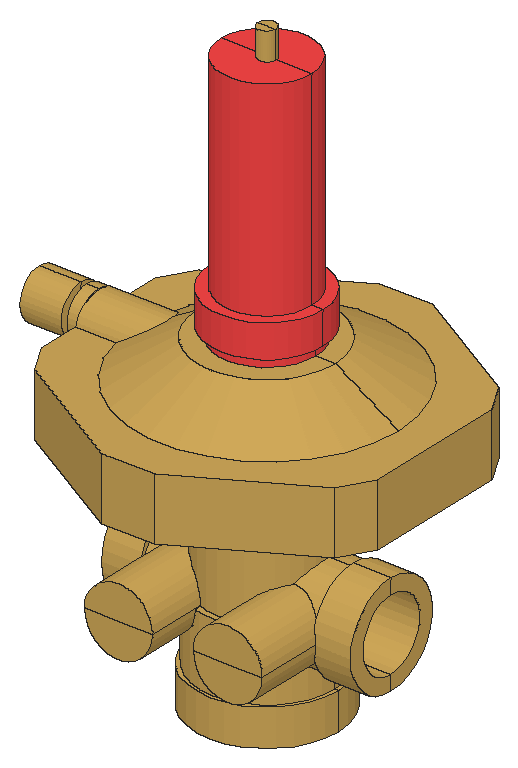
Revit family "Differenzdruckregler 4202 5-30kPa", category Rohrzubehör, Revit 2018
Family settings
  Bemaßung runder Anschluss = Durchmesser verwenden
  Teiletyp = Unterbricht
  OmniClass-Nummer = 23.65.55.14
  OmniClass-Titel = Valves for Liquid Services
  Arbeitsebenenbasiert = Nein
  Immer vertikal = Ja
  Beim Laden mit Abzugskörper schneiden = Nein
  Gemeinsam genutzt = Nein
Parameters (values of type "Ohne Dämmung")
  y2 [instance] = K14 + K9 + H01  # 49.149 mm
  y1 [instance] = (R03 * 2) + R05  # 66.000 mm
  PN = 25  # constant formula
  Min. Betriebstemperatur (Frostschutz) = -20 °C  # constant formula
  Max. zulässige Betriebstemperatur bis DN32 = 130 °C  # constant formula
  Max. zulässige Betriebstemperatur DN40 - DN50 = 110 °C  # constant formula
  Max. Differenzdruck am Gehäuse = 400000.0 Pa  # constant formula
  Max. Betriebsdruck = 2500000.0 Pa  # constant formula
  Ventilschaft = "Edelstahl 14301"  # constant formula
  URL = "www.herz-armaturen.at"
  SCRNSEQ = "ARM;ARM_TYP=\"DIFR\";2"
  SCRNCODE = "05;03;4"  # constant formula
  S06 [instance] = 1.000 mm  # constant formula
  S05 [instance] = S01 - 1.000 mm  # 16.250 mm
  S04 [instance] = S02 - 1.000 mm  # 18.000 mm
  S03 [instance] = size_lookup("4202 5-30kPa", "S03", 26.500 mm, Nennweite)  # 25.600 mm
  S02 [instance] = size_lookup("4202 5-30kPa", "S02", 19.000 mm, Nennweite)  # 19.000 mm
  S01 [instance] = size_lookup("4202 5-30kPa", "S01", 17.250 mm, Nennweite)  # 17.250 mm
  Regleranschlussmutter = "Messing CW614N"  # constant formula
  Regelbereich = "5 - 30kPa"  # constant formula
  R06 [instance] = size_lookup("4202 5-30kPa", "R06", 14.500 mm, Nennweite)  # 14.500 mm
  R05 [instance] = size_lookup("4202 5-30kPa", "R05", 46.000 mm, Nennweite)  # 46.000 mm
  R04 [instance] = size_lookup("4202 5-30kPa", "R04", 12.500 mm, Nennweite)  # 12.500 mm
  R03 [instance] = size_lookup("4202 5-30kPa", "R03", 10.000 mm, Nennweite)  # 10.000 mm
  R02 = 14.500 mm  # constant formula
  R01 [instance] = size_lookup("4202 5-30kPa", "R01", 12.500 mm, Nennweite)  # 12.500 mm
  Min. Betriebstemperatur (reines Wasser) = 2 °C  # constant formula
  O-Ringe = "EPDM"  # constant formula
  Nennweite [instance] = 15.000 mm
  Membrangehäuse = "Messing CW602N"  # constant formula
  Membrane = "EPDM"  # constant formula
  Medium = "Wasserbeschaffenheit nach ÖNORM H 5195 und VDI 2035\r\nDie Verwendung von Ethylen- und Propylenglykol ist im\r\nMischungsverhältnis 25 - 50 Vol.-% zulässig."
  L2 [instance] = size_lookup("4202 5-30kPa", "L2", 161.000 mm, Nennweite)  # 161.000 mm
  L [instance] = size_lookup("4202 5-30kPa", "L", 66.000 mm, Nennweite)  # 66.000 mm
  K9 = 4.000 mm  # constant formula
  K8 = 55.000 mm  # constant formula
  K7 = 8.700 mm  # constant formula
  K6 = 11.700 mm  # constant formula
  K5 = 13.000 mm  # constant formula
  K4 = 12.000 mm  # constant formula
  K3 = 15.000 mm  # constant formula
  K2 = 2.350 mm  # constant formula
  K18 = 89.000 mm  # constant formula
  K17 = 66.700 mm  # constant formula
  K16 = 3.000 mm  # constant formula
  K15 = 26.649 mm  # constant formula
  K14 = 16.649 mm  # constant formula
  K13 = 16.649 mm  # constant formula
  K12 = 10.000 mm  # constant formula
  K11 = 35.000 mm  # constant formula
  K10 = 18.250 mm  # constant formula
  K1.1 = 2.350 mm  # constant formula
  K1 = 7.651 mm  # constant formula
  J9 = 15.700 mm  # constant formula
  J8 = 7.850 mm  # constant formula
  J7 = 15.897 mm  # constant formula
  J6 = 3.900 mm  # constant formula
  J5 = 6.500 mm  # constant formula
  J4 = 1.500 mm  # constant formula
  J3 = 3.200 mm  # constant formula
  J2 = 11.000 mm  # constant formula
  J11 = 3.500 mm  # constant formula
  J10 = 18.897 mm  # constant formula
  J1 = 6.500 mm  # constant formula
  Hersteller = "HERZ-Armaturen Ges.m.b.H"  # constant formula
  H2 [instance] = size_lookup("4202 5-30kPa", "H2", 28.000 mm, Nennweite)  # 28.000 mm
  H1 [instance] = K1 + K2 + K3 + K4 + K5 + K7 + K8 + K16 + 16.650 mm  # 133.351 mm
  H04 = 4.000 mm  # constant formula
  H03 = 9.800 mm  # constant formula
  H02 [instance] = size_lookup("4202 5-30kPa", "H02", 53.000 mm, Nennweite)  # 53.000 mm
  H01 [instance] = size_lookup("4202 5-30kPa", "H01", 25.000 mm, Nennweite)  # 28.500 mm
  Gehäuse = "DZR Messing CC770S"  # constant formula
  G03 [instance] = size_lookup("4202 5-30kPa", "G03", 13.200 mm, Nennweite)  # 13.200 mm
  G02 [instance] = size_lookup("4202 5-30kPa", "G02", 9.500 mm, Nennweite)  # 9.500 mm
  G01 [instance] = size_lookup("4202 5-30kPa", "G01", 13.500 mm, Nennweite)  # 13.500 mm
  Einstellspindel = "Messing CW614N"  # constant formula
  Hinweise zum Material = "Gemäß Art 33 der REACH-Verordnung (EG Nr. 1907/2006) sind wir verpflichtet, darauf hinzuweisen,\r\ndass der Stoff Blei auf der SVHC-Liste geführt wird und dass alle aus Messing bestehenden Bauteile,\r\ndie in unseren Erzeugnissen verarbeitet sind, mehr als 0,1 % (w/w) Blei (CAS: 7439-92-1 / EINECS:\r\n231-100-4) enthalten. Da Blei als Legierungsbestandteil fest gebunden ist, sind keine Expositionen zu\r\nerwarten und daher sind keine zusätzlichen Angaben zur sicheren Verwendung notwendig.\r\n\r\nIm Hanf enthaltenes Ammoniak schädigt\r\nMessingventilgehäuse, EPDM Dichtungen werden durch\r\nMineralöle bzw. mineralölhaltige Schmierstoffe aufgequollen\r\nund führen somit zum Ausfall der EPDM-Dichtungen. Für\r\nFrost- und Korrosionsschutzmittel auf der Basis von Ethylen- und Propylenglykol sind die entsprechenden\r\nAngaben den Unterlagen des Herstellers zu entnehmen."
  Dämmung = no
  Dämmschale = "EPP (expandiertes Polypropylen)"  # constant formula
  Druckfeder = "Federstahl 14310 NS"  # constant formula
  DN50 [instance] = Nennweite = 50.000 mm  # no
  DN40 [instance] = Nennweite = 40.000 mm  # no
  DN32-40 [instance] = or(Nennweite = 32.000 mm, Nennweite = 40.000 mm)  # no
  DN32 [instance] = Nennweite = 32.000 mm  # no
  DN25,32,40 [instance] = or(Nennweite = 25.000 mm, Nennweite = 32.000 mm, Nennweite = 40.000 mm)  # no
  DN25 [instance] = Nennweite = 25.000 mm  # no
  DN20 [instance] = Nennweite = 20.000 mm  # no
  DN15-25 [instance] = or(Nennweite = 15.000 mm, Nennweite = 20.000 mm, Nennweite = 25.000 mm)  # yes
  DN15,20,50 [instance] = or(Nennweite = 15.000 mm, Nennweite = 20.000 mm, Nennweite = 50.000 mm)  # yes
  DN15 [instance] = Nennweite = 15.000 mm  # yes
  D07 [instance] = if(Nennweite = 15.000 mm, 32.500 mm, if(Nennweite = 20.000 mm, 33.500 mm, if(Nennweite = 25.000 mm, 33.500 mm, if(Nennweite = 32.000 mm, 49.500 mm, if(Nennweite = 40.000 mm, 59.500 mm, if(Nennweite = 50.000 mm, 59.500 mm, 0.000 mm))))))  # 32.500 mm
  D06 [instance] = if(Nennweite = 15.000 mm, 32.500 mm, if(Nennweite = 20.000 mm, 33.500 mm, if(Nennweite = 25.000 mm, 33.500 mm, if(Nennweite = 32.000 mm, 49.500 mm, if(Nennweite = 40.000 mm, 59.500 mm, if(Nennweite = 50.000 mm, 59.500 mm, 0.000 mm))))))  # 32.500 mm
  D05 [instance] = if(Nennweite = 15.000 mm, 36.750 mm, if(Nennweite = 20.000 mm, 40.700 mm, if(Nennweite = 25.000 mm, 49.200 mm, if(Nennweite = 32.000 mm, 54.150 mm, if(Nennweite = 40.000 mm, 60.750 mm, if(Nennweite = 50.000 mm, 72.700 mm, 0.000 mm))))))  # 36.750 mm
  D04 [instance] = if(Nennweite = 15.000 mm, 78.500 mm, if(Nennweite = 20.000 mm, 82.000 mm, if(Nennweite = 25.000 mm, 84.000 mm, if(Nennweite = 32.000 mm, 120.000 mm, if(Nennweite = 40.000 mm, 130.000 mm, if(Nennweite = 50.000 mm, 130.500 mm, 0.000 mm))))))  # 78.500 mm
  D03 [instance] = size_lookup("4202 5-30kPa", "R05", 41.000 mm, Nennweite)  # 46.000 mm
  D02 [instance] = if(Nennweite = 15.000 mm, 96.000 mm, if(Nennweite = 20.000 mm, 110.000 mm, if(Nennweite = 25.000 mm, 112.000 mm, if(Nennweite = 32.000 mm, 152.000 mm, if(Nennweite = 40.000 mm, 170.000 mm, if(Nennweite = 50.000 mm, 179.000 mm, 0.000 mm))))))  # 96.000 mm
  D01 [instance] = size_lookup("4202 5-30kPa", "G01", 13.220 mm, Nennweite)  # 13.500 mm
  Bestellnummer Dämmung [instance] = if(and(Dämmung, Nennweite = 15.000 mm), 1409611, if(and(Dämmung, Nennweite = 20.000 mm), 1409612, if(and(Dämmung, Nennweite = 25.000 mm), 1409613, if(and(Dämmung, Nennweite = 32.000 mm), 1409614, if(and(Dämmung, Nennweite = 40.000 mm), 1409615, if(and(Dämmung, Nennweite = 50.000 mm), 1409616, 0))))))  # 0
  Bestellnummer [instance] = if(Nennweite = 15.000 mm, 1420241, if(Nennweite = 20.000 mm, 1420242, if(Nennweite = 25.000 mm, 1420243, if(Nennweite = 32.000 mm, 1420244, if(Nennweite = 40.000 mm, 1420245, if(Nennweite = 50.000 mm, 1420246, 0))))))  # 1420241
  B2 [instance] = size_lookup("4202 5-30kPa", "B2", 31.000 mm, Nennweite)  # 31.000 mm
  B1 [instance] = size_lookup("4202 5-30kPa", "B1", 26.000 mm, Nennweite)  # 26.000 mm
  B04 = 100.649 mm  # constant formula
  B03 = 44.500 mm  # constant formula
  B02 = 104.688 mm  # constant formula
  B01 = 10.000 mm  # constant formula
  Anzeigehülse = "Kunststoff (Rot)"  # constant formula
  Anwendungsgebiet = "Der Differenzdruckregler ist ein Regler mit linearer Kennlinie in Geradsitzausführung und arbeitet ohne\r\nHilfsenergie. Der gewünschte Differenzdruck-Sollwert kann zwischen 5 und 30 kPa; 25 und 60 kPa bzw.\r\n45 und 80 kPa stufenlos eingestellt werden. Der eingestellte Wert ist mit Hilfe des Einstelldiagrammes\r\nablesbar. Werksseitig ist der Sollwert auf Minimum eingestellt. Der erforderliche Sollwert wird mit dem\r\nEinstellwerkzeug (1 4006 02) eingestellt. Im Lieferumfang enthalten ist die Impulsleitung (1000 mm),\r\ndiese ist im Vorlauf einzubinden."
  Anschlussnippel = "Messing CW602N"  # constant formula
Types (2, lengths in mm): name | y2 | y1 | S05 | S04 | S03 | S02 | S01 | R05 | R04 | R03 | R01 | Nennweite | L2 | L | H2 | H02 | H01 | G03 | G02 | G01 | Dämmung | DN50 | DN15-25 | DN15 | D07 | D06 | D05 | D04 | D03 | D02 | D01 | Bestellnummer Dämmung | Bestellnummer | B2 | B1
  Ohne Dämmung | 49.149 | 66.000 | 16.250 | 18.000 | 25.600 | 19.000 | 17.250 | 46.000 | 12.500 | 10.000 | 12.500 | 15.000 | 161.000 | 66.000 | 28.000 | 53.000 | 28.500 | 13.200 | 9.500 | 13.500 | no | no | yes | yes | 32.500 | 32.500 | 36.750 | 78.500 | 46.000 | 96.000 | 13.500 | 0 | 1420241 | 31.000 | 26.000
  Mit Dämmung | 76.149 | 140.000 | 27.500 | 27.000 | 37.700 | 28.000 | 28.500 | 106.000 | 14.500 | 17.000 | 33.500 | 50.000 | 216.500 | 140.000 | 58.000 | 107.000 | 55.500 | 23.400 | 28.325 | 35.000 | yes | yes | no | no | 59.500 | 59.500 | 72.700 | 130.500 | 106.000 | 179.000 | 35.000 | 1409616 | 1420246 | 41.000 | 41.000
Reference planes
  plane 1 "Mitte (Vorne/hinten)": y = 0
  plane 2: z = 0
  plane 3 "Mitte (Links/rechts)": x = 0
Forms (mm)
  Revolve 1, solid, material "Messing, weicher Gelbton, geschweißt", detail levels fine
    sketch origin (0, 0, 0) x (1, 0, 0) y (0, 0, 1)
      loop
        line (-19.8, 0) -> (19.8, 0) -> (19.8, 9.5) -> (33, 9.5) -> (33, 13.5) -> (23, 13.5) -> (23, 12.5) -> (-23, 12.5) -> (-23, 13.5) -> (-33, 13.5) -> (-33, 9.5) -> (-19.8, 9.5) -> (-19.8, 0)
      axis (-33, 0) -> (33, 0)
    angle from 0 to 360
  Revolve 2, solid, material "Messing, weicher Gelbton, geschweißt", detail levels fine
    sketch origin (0, 0, 0) x (1, 0, 0) y (0, 0, 1)
      loop
        line (0, -28) -> (0, 0) -> (-18, 0) -> (-18, -18.2) -> (-19, -18.2) -> (-19, -28) -> (0, -28)
      axis (0, 0) -> (0, -28)
    angle from 0 to 360
  Extrusion 3, solid, material "Messing, weicher Gelbton, geschweißt", detail levels fine
    sketch origin (0, 0, 0) x (0, -1, 0) y (1, 0, 0)
      loop
        line (-46, -7.038) -> (-27.114, -39.75) -> (-18.886, -44.5) -> (18.886, -44.5) -> (27.114, -39.75) -> (46, -7.038) -> (46, 7.038) -> (27.114, 39.75) -> (18.886, 44.5) -> (-18.886, 44.5) -> (-27.114, 39.75) -> (-46, 7.038) -> (-46, -7.038)
    from 32.5 to 49.149
  Revolve 4, solid, material "Messing, weicher Gelbton, geschweißt", detail levels fine
    sketch origin (0, 0, -7.051) x (1, 0, 0) y (0, 0, 1)
      loop
        line (0, 56.2) -> (0, 66.2) -> (-18.25, 66.2) -> (-35, 56.2) -> (0, 56.2)
      axis (0, 66.2) -> (0, 56.2)
    angle from 0 to 360
  Revolve 5, solid, material "Messing, weicher Gelbton, geschweißt", visible <- "DN15-25", detail levels fine
    sketch origin (-11, 0, 0) x (1, 0, 0) y (0, 1, 0)
      loop
        line (-1.5, 26) -> (-9.2, 26) -> (-9.2, 0) -> (-1.5, 0) -> (-1.5, 26)
      axis (-1.5, 0) -> (-1.5, 26)
    angle from 0 to 360
  Revolve 6, solid, material "Messing, weicher Gelbton, geschweißt", visible <- "DN15,20,50", detail levels fine
    sketch origin (-0.988, 0, -6.853) x (-1, 0, 0) y (0, 0, 1)
      loop
        line (43.5, 55.25) -> (59.2, 55.25) -> (59.2, 61.75) -> (48.2, 61.75) -> (48.2, 59.15) -> (46.7, 59.15) -> (46.7, 61.75) -> (43.5, 61.75) -> (43.5, 55.25)
      axis (43.5, 55.25) -> (59.2, 55.25)
    angle from 0 to 360
  Extrusion 7, solid, material "Messing, weicher Gelbton, geschweißt", visible <- "DN15,20,50", detail levels fine
    sketch origin (0, 0, 0) x (0, 1, 0) y (0, 0, -1)
      loop
        line (7.85, -47.047) -> (7.85, -36) -> (-7.85, -36) -> (-7.85, -47.047)
        arc (-7.85, -47.047) -> (0, -54.897) -> (7.85, -47.047) r 7.85
    from 0 to 44.5
  Revolve 8, solid, material "Kunsstoff rot", detail levels fine
    sketch origin (0, 0, 0) x (1, 0, 0) y (0, 0, 1)
      loop
        line (-12, 125.849) -> (-12, 70.849) -> (-15, 70.849) -> (-15, 62.149) -> (-13, 62.149) -> (-13, 59.149) -> (0, 59.149) -> (0, 125.849) -> (-12, 125.849)
      axis (0, 125.849) -> (0, 59.149)
    angle from 0 to 360
  Revolve 9, solid, material "Messing, weicher Gelbton, geschweißt", visible <- "DN15-25", detail levels fine
    sketch origin (-2, 0, 0) x (1, 0, 0) y (0, 1, 0)
      loop
        line (-12.5, 0) -> (-21.5, 0) -> (-21.5, -31) -> (-12.5, -31) -> (-12.5, 0)
      axis (-12.5, 0) -> (-12.5, -31)
    angle from 0 to 360
  Revolve 10, solid, material "Messing, weicher Gelbton, geschweißt", visible <- "DN15-25", detail levels fine
    sketch origin (2, 0, 0) x (1, 0, 0) y (0, 1, 0)
      loop
        line (12.5, 0) -> (12.5, -31) -> (21.6, -31) -> (21.6, 0) -> (12.5, 0)
      axis (12.5, 0) -> (12.5, -31)
    angle from 0 to 360
  Extrusion 11, solid, material "Messing, weicher Gelbton, geschweißt", visible <- "DN32", detail levels fine
    sketch origin (-31.5, 0, 0) x (1, 0, 0) y (0, 1, 0)
      loop
        circle (63, 0) r 6.578
      loop
        circle (63, 0) r 3.28
    from -47 to 0
  Extrusion 12, solid, material "Messing, weicher Gelbton, geschweißt", visible <- "DN32", detail levels fine
    sketch origin (31.5, 0, 0) x (-1, 0, 0) y (0, -1, 0)
      loop
        circle (63, 0) r 6.578
      loop
        circle (63, 0) r 3.28
    from -47 to 0
  Revolve 13, solid, material "Messing, weicher Gelbton, geschweißt", detail levels fine
    sketch origin (0, 0, 0) x (1, 0, 0) y (0, 0, 1)
      loop
        line (-16.25, 0) -> (0, 0) -> (0, 32.5) -> (-12.25, 32.5) -> (-12.25, 28.5) -> (-17.25, 28.5) -> (-17.25, 18.7) -> (-16.25, 18.7) -> (-16.25, 0)
      axis (0, 32.5) -> (0, 0)
    angle from 0 to 360
  Extrusion 14, solid, material "Messing, weicher Gelbton, geschweißt", visible <- "DN40", detail levels fine
    sketch origin (29.382, 0, 0) x (-1, 0, 0) y (0, -1, 0)
      loop
        circle (63, 0) r 6.578
      loop
        circle (63, 0) r 3.28
    from -58 to 0
  Extrusion 15, solid, material "Messing, weicher Gelbton, geschweißt", visible <- "DN40", detail levels fine
    sketch origin (-29.455, 0, 0) x (1, 0, 0) y (0, 1, 0)
      loop
        circle (63, 0) r 6.578
      loop
        circle (63, 0) r 3.28
    from -58 to 0
  Extrusion 16, solid, material "Messing, weicher Gelbton, geschweißt", visible <- "DN50", detail levels fine
    sketch origin (28.422, 0, 0) x (-1, 0, 0) y (0, -1, 0)
      loop
        circle (63, 0) r 6.578
      loop
        circle (63, 0) r 3.28
    from -58 to 0
  Extrusion 17, solid, material "Messing, weicher Gelbton, geschweißt", visible <- "DN50", detail levels fine
    sketch origin (-28.422, 0, 0) x (1, 0, 0) y (0, 1, 0)
      loop
        circle (63, 0) r 6.578
      loop
        circle (63, 0) r 3.28
    from -58 to 0
  Revolve 18, solid, material "Messing, weicher Gelbton, geschweißt", detail levels fine
    sketch origin (0, 0, 0) x (1, 0, 0) y (0, 0, 1)
      loop
        line (-2.35, 125.349) -> (0, 125.349) -> (0, 133) -> (-2.35, 133) -> (-2.35, 125.349)
      axis (0, 133) -> (0, 125.349)
    angle from 0 to 360
  Revolve 19, solid, material "Messing, weicher Gelbton, geschweißt", visible <- "DN32-40", detail levels fine
    sketch origin (-11, 0, 0) x (1, 0, 0) y (0, 1, 0)
      loop
        line (-1.5, -26) -> (-1.5, 0) -> (-9.2, 0) -> (-9.2, -26) -> (-1.5, -26)
      axis (-1.5, 0) -> (-1.5, -26)
    angle from 0 to 360
  Revolve 20, solid, material "Messing, weicher Gelbton, geschweißt", visible <- "DN25,32,40", detail levels fine
    sketch origin (0.988, 0, 20.147) x (1, 0, 0) y (0, 0, 1)
      loop
        line (43.5, 28.25) -> (59.2, 28.25) -> (59.2, 34.75) -> (48.2, 34.75) -> (48.2, 32.15) -> (46.7, 32.15) -> (46.7, 34.75) -> (43.5, 34.75) -> (43.5, 28.25)
      axis (43.5, 28.25) -> (59.2, 28.25)
    angle from 0 to 360
  Extrusion 21, solid, material "Messing, weicher Gelbton, geschweißt", visible <- "DN25", detail levels fine
    sketch origin (0, 0, 0) x (0, 1, 0) y (0, 0, 1)
      loop
        arc (7.85, 48.047) -> (0, 55.897) -> (-7.85, 48.047) r 7.85
        line (-7.85, 48.047) -> (-7.85, 37) -> (7.85, 37) -> (7.85, 48.047)
    from 0 to 44.5
  Extrusion 22, solid, material "Messing, weicher Gelbton, geschweißt", visible <- "DN32", detail levels fine
    sketch origin (0, 0, 0) x (0, 1, 0) y (0, 0, 1)
      loop
        arc (7.85, 64.047) -> (0, 71.897) -> (-7.85, 64.047) r 7.85
        line (-7.85, 64.047) -> (-7.85, 53) -> (7.85, 53) -> (7.85, 64.047)
    from 0 to 44.5
  Extrusion 23, solid, material "Messing, weicher Gelbton, geschweißt", visible <- "DN40", detail levels fine
    sketch origin (0, 0, 0) x (0, 1, 0) y (0, 0, 1)
      loop
        arc (7.85, 74.047) -> (0, 81.897) -> (-7.85, 74.047) r 7.85
        line (-7.85, 74.047) -> (-7.85, 63) -> (7.85, 63) -> (7.85, 74.047)
    from 0 to 44.5
  Revolve 24, solid, material "Kunststoff-Anthrazit/Schwarz", visible <- "Dämmung"
    sketch origin (0, 0, 0) x (1, 0, 0) y (0, 0, 1)
      loop
        line (0, -46) -> (36.75, -46) -> (36.75, 32.5) -> (0, 32.5) -> (0, -46)
      axis (0, 32.5) -> (0, -46)
    angle from 0 to 360
  Revolve 25, solid, material "Kunststoff-Anthrazit/Schwarz", visible <- "Dämmung"
    sketch origin (0, 0, 0) x (1, 0, 0) y (0, 0, 1)
      loop
        line (0, 32.5) -> (-48, 32.5) -> (-48, 13.5) -> (-23, 13.5) -> (-23, 0) -> (0, 0) -> (23, 0) -> (23, 13.5) -> (48, 13.5) -> (48, 32.5) -> (0, 32.5)
      axis (-48, 0) -> (48, 0)
    angle from 0 to 360
Lines and regions (mm)
  model lines, detail levels coarse+medium
    curve 1: line (33, -13.5, 0) -> (33, 13.5, 0)
    curve 2: line (33, 13.5, 0) -> (-33, -13.5, 0)
    curve 3: line (-33, -13.5, 0) -> (-33, 13.5, 0)
    curve 4: line (-33, 13.5, 0) -> (33, -13.5, 0)
    curve 5: line (0, -18.5, 0) -> (0, -32.5, 0)
    curve 6: spline (-44.5, -40.824, 0) -> (-42.984, -38.67, 0) -> (-38.538, -36.662, 0) -> (-31.466, -34.938, 0) -> (-22.25, -33.615, 0) -> (-11.517, -32.784, 0) -> (0, -32.5, 0) -> (11.517, -32.784, 0) -> (22.25, -33.615, 0) -> (31.466, -34.938, 0) -> (38.538, -36.662, 0) -> (42.984, -38.67, 0) -> (44.5, -40.825, 0) -> (42.984, -42.979, 0) -> (38.538, -44.987, 0) -> (31.466, -46.711, 0) -> (22.25, -48.034, 0) -> (11.517, -48.865, 0) -> (0, -49.149, 0) -> (-11.517, -48.865, 0) -> (-22.25, -48.034, 0) -> (-31.466, -46.711, 0) -> (-38.538, -44.987, 0) -> (-42.984, -42.979, 0) -> (-44.5, -40.824, 0)
    curve 7: line (0, 0, 13.5) -> (0, 0, 32.5)
    curve 8: spline (-44.5, 0, 40.825) -> (-42.984, 0, 42.979) -> (-38.538, 0, 44.987) -> (-31.466, 0, 46.711) -> (-22.25, 0, 48.034) -> (-11.517, 0, 48.865) -> (0, 0, 49.149) -> (11.517, 0, 48.865) -> (22.25, 0, 48.034) -> (31.466, 0, 46.711) -> (38.538, 0, 44.987) -> (42.984, 0, 42.979) -> (44.5, 0, 40.824) -> (42.984, 0, 38.67) -> (38.538, 0, 36.662) -> (31.466, 0, 34.938) -> (22.25, 0, 33.615) -> (11.517, 0, 32.784) -> (0, 0, 32.5) -> (-11.517, 0, 32.784) -> (-22.25, 0, 33.615) -> (-31.466, 0, 34.938) -> (-38.538, 0, 36.662) -> (-42.984, 0, 38.67) -> (-44.5, 0, 40.825)
    curve 9: line (0, 0, 13.5) -> (16.5, 0, 6.75)
    curve 10: line (0, 0, 13.5) -> (-16.5, 0, 6.75)
    curve 11: line (0, -18.5, 0) -> (-6.483, -2.652, 0)
    curve 12: line (0, -18.5, 0) -> (6.483, -2.652, 0)
    curve 13: line (-33, 0, 13.5) -> (33, 0, -13.5)
    curve 14: line (33, 0, -13.5) -> (33, 0, 13.5)
    curve 15: line (33, 0, 13.5) -> (-33, 0, -13.5)
    curve 16: line (-33, 0, -13.5) -> (-33, 0, 13.5)
Dimensions and locks
  "G01": Revolve 1 sketch curve to Revolve 1 sketch curve  (x2)
  "R01": Revolve 1 sketch curve to Revolve 1 sketch curve
  "R03": Revolve 1 sketch curve to Revolve 1 sketch curve  (x2)
  "K10": Revolve 4 sketch curve to Revolve 4 sketch curve
  "K11": Revolve 4 sketch curve to Revolve 4 sketch curve
  "B1": Revolve 5 sketch curve to Revolve 5 sketch curve
  "J1": Revolve 6 sketch curve to Revolve 6 sketch curve
  "J3": Revolve 6 sketch curve to Revolve 6 sketch curve
  "J4": Revolve 6 sketch curve to Revolve 6 sketch curve
  "J2": Revolve 6 sketch curve to Revolve 6 sketch curve
  "J5": Revolve 6 sketch curve to Revolve 6 sketch curve
  "J6": Revolve 6 sketch curve to Revolve 6 sketch curve
  "H2": plane 2 to Revolve 2 sketch curve
  "H03": Revolve 2 sketch curve to Revolve 2 sketch curve
  "S02": plane 3 "Mitte (Links/rechts)" to Revolve 2 sketch curve
  "B02": Revolve 6 to Extrusion 3
  "B03": Extrusion 3 to plane 3 "Mitte (Links/rechts)"
  "R04": Revolve 5 sketch curve to plane 3 "Mitte (Links/rechts)"
  "K4": Revolve 8 sketch curve to Revolve 8 sketch curve
  "K3": Revolve 8 sketch curve to Revolve 8 sketch curve
  "K7": Revolve 8 sketch curve to Revolve 8 sketch curve
  "K5": Revolve 8 sketch curve to Revolve 8 sketch curve
  "K8": Revolve 8 sketch curve to Revolve 8 sketch curve
  "K12": Revolve 4 sketch curve to Revolve 4 sketch curve
  "K13": Revolve 4 sketch curve to Extrusion 3
  "K14": Extrusion 3 to Extrusion 3
  "K16": Revolve 8 sketch curve to Revolve 8 sketch curve
  "K15": Revolve 8 to Extrusion 3
  "R05": Revolve 1 sketch curve to Revolve 1 sketch curve
  equal spacing: Revolve 1 sketch curve, plane 3 "Mitte (Links/rechts)", Revolve 1 sketch curve
  "B2": plane 1 "Mitte (Vorne/hinten)" to Revolve 9 sketch curve
  "B2": Revolve 10 sketch curve to plane 1 "Mitte (Vorne/hinten)"
  "R06": Revolve 9 sketch curve to plane 3 "Mitte (Links/rechts)"
  "R06": plane 3 "Mitte (Links/rechts)" to Revolve 10 sketch curve
  "S01": Revolve 13 sketch curve to plane 3 "Mitte (Links/rechts)"
  "S05": plane 3 "Mitte (Links/rechts)" to Revolve 13 sketch curve
  "H04": Revolve 13 sketch curve to Revolve 13 sketch curve
  "H03": Revolve 13 sketch curve to Revolve 13 sketch curve
  "H01": Revolve 13 sketch curve to plane 2
  "K9": Extrusion 3 to Revolve 13
  "S06": Revolve 2 sketch curve to Revolve 2 sketch curve
  "J7": Revolve 6 sketch curve to Extrusion 3
  "J9": Extrusion 7 sketch curve to Extrusion 7 sketch curve
  "J10": Revolve 6 to Extrusion 7 sketch curve
  "J11": Extrusion 7 sketch curve to Extrusion 3
  "K18": Extrusion 3 to Extrusion 3
  "K18": curve 8 to curve 8
  "G01": curve 10 to plane 2
  "K14": curve 8 to curve 8
  "y2": curve 8 to plane 2
  "G01": plane 1 "Mitte (Vorne/hinten)" to curve 4
  "G01": curve 3 to plane 1 "Mitte (Vorne/hinten)"
  equal spacing: curve 3, curve 8, curve 1
  equal spacing: curve 3, curve 12, curve 1
  "y1": curve 3 to curve 1
  "G01": plane 1 "Mitte (Vorne/hinten)" to curve 2
  "G01": curve 4 to plane 1 "Mitte (Vorne/hinten)"
  "K18": curve 6 to curve 6
  "K14": curve 6 to curve 6
  "y2": curve 6 to plane 1 "Mitte (Vorne/hinten)"
  "K1.1": plane 3 "Mitte (Links/rechts)" to Revolve 18 sketch curve
  "B1": Revolve 19 sketch curve to Revolve 19 sketch curve
  "R04": Revolve 19 sketch curve to plane 3 "Mitte (Links/rechts)"
  "G02": Revolve 1 sketch curve to plane 2  (x2)
  "G03": Revolve 1 sketch curve to Revolve 1 sketch curve  (x2)
  Revolve 1 sketch curve to Revolve 1 sketch curve = 66.000 mm
  "L2": Revolve 18 to Revolve 2
  "J1": Revolve 20 sketch curve to Revolve 20 sketch curve
  "J3": Revolve 20 sketch curve to Revolve 20 sketch curve
  "J4": Revolve 20 sketch curve to Revolve 20 sketch curve
  "J2": Revolve 20 sketch curve to Revolve 20 sketch curve
  "J5": Revolve 20 sketch curve to Revolve 20 sketch curve
  "J6": Revolve 20 sketch curve to Revolve 20 sketch curve
  "J7": Revolve 20 sketch curve to Extrusion 3
  "J9": Extrusion 21 sketch curve to Extrusion 21 sketch curve
  "J9": Extrusion 22 sketch curve to Extrusion 22 sketch curve
  "J9": Extrusion 23 sketch curve to Extrusion 23 sketch curve
  equal spacing: curve 10, plane 3 "Mitte (Links/rechts)", curve 9
  "L": curve 14 to curve 16
  equal spacing: curve 14, curve 6, curve 16
  equal spacing: curve 14, curve 9, curve 10, curve 10, curve 16
  "G01": curve 16 to plane 2
  "G01": plane 2 to curve 16
  "G01": curve 15 to plane 2
  "G01": plane 2 to curve 14
  "D07": Revolve 25 sketch curve to plane 2
  "D01": Revolve 25 sketch curve to plane 2  (x2)
  "D03": Revolve 25 sketch curve to Revolve 25 sketch curve
  "D02": Revolve 25 sketch curve to Revolve 25 sketch curve
  equal spacing: Revolve 25 sketch curve, plane 3 "Mitte (Links/rechts)", Revolve 25 sketch curve  (x2)
  "D06": Revolve 24 sketch curve to plane 2
  "D05": Revolve 24 sketch curve to Revolve 24 sketch curve
  "D04": Revolve 24 sketch curve to Revolve 24 sketch curve
  "J8": radius of Extrusion 7 sketch curve
  "J8": radius of Extrusion 21 sketch curve
  "J8": radius of Extrusion 22 sketch curve
  "J8": radius of Extrusion 23 sketch curve
  aligned and locked: level to plane 2
Automatic sketch dimensions
  plane 3 "Mitte (Links/rechts)" to Extrusion 3 sketch curve = 7.038 mm  (x2)
  Extrusion 3 sketch curve to plane 1 "Mitte (Vorne/hinten)" = 46.000 mm
  Extrusion 3 sketch curve to plane 1 "Mitte (Vorne/hinten)" = 27.114 mm  (x2)
  Extrusion 3 sketch curve to Extrusion 3 sketch curve = 8.227 mm  (x4)
  plane 1 "Mitte (Vorne/hinten)" to Extrusion 3 sketch curve = 18.886 mm  (x2)
  Extrusion 3 sketch curve to Extrusion 3 sketch curve = 18.886 mm
  Extrusion 3 sketch curve to plane 3 "Mitte (Links/rechts)" = 7.038 mm  (x2)
  Extrusion 3 sketch curve to Extrusion 3 sketch curve = 32.712 mm  (x4)
  Extrusion 3 sketch curve to Extrusion 3 sketch curve = 4.750 mm  (x2)
  Extrusion 11 sketch curve to Extrusion 11 sketch curve = 0.000 mm  (x2)
  plane 1 "Mitte (Vorne/hinten)" to Extrusion 11 sketch curve = 0.000 mm
  plane 3 "Mitte (Links/rechts)" to Extrusion 11 sketch curve = 31.500 mm
  Extrusion 12 sketch curve to Extrusion 12 sketch curve = 0.000 mm  (x2)
  plane 1 "Mitte (Vorne/hinten)" to Extrusion 12 sketch curve = 0.000 mm
  plane 3 "Mitte (Links/rechts)" to Extrusion 12 sketch curve = 31.500 mm
  Extrusion 14 sketch curve to Extrusion 14 sketch curve = 0.000 mm  (x2)
  plane 1 "Mitte (Vorne/hinten)" to Extrusion 14 sketch curve = 0.000 mm
  plane 3 "Mitte (Links/rechts)" to Extrusion 14 sketch curve = 33.618 mm
  Extrusion 15 sketch curve to Extrusion 15 sketch curve = 0.000 mm  (x2)
  plane 1 "Mitte (Vorne/hinten)" to Extrusion 15 sketch curve = 0.000 mm
  plane 3 "Mitte (Links/rechts)" to Extrusion 15 sketch curve = 33.545 mm
  Extrusion 16 sketch curve to Extrusion 16 sketch curve = 0.000 mm  (x2)
  plane 1 "Mitte (Vorne/hinten)" to Extrusion 16 sketch curve = 0.000 mm
  plane 3 "Mitte (Links/rechts)" to Extrusion 16 sketch curve = 34.578 mm
  Extrusion 17 sketch curve to Extrusion 17 sketch curve = 0.000 mm  (x2)
  plane 1 "Mitte (Vorne/hinten)" to Extrusion 17 sketch curve = 0.000 mm
  plane 3 "Mitte (Links/rechts)" to Extrusion 17 sketch curve = 34.578 mm
  curve 8 to plane 3 "Mitte (Links/rechts)" = 0.000 mm
  curve 11 to plane 3 "Mitte (Links/rechts)" = 0.000 mm
  curve 6 to plane 3 "Mitte (Links/rechts)" = 0.000 mm
  curve 5 to curve 12 = 14.000 mm
  Revolve 1 sketch curve to level = 0.000 mm  (x2)
  Revolve 1 sketch curve to Revolve 1 sketch curve = 1473.530 mm
  Revolve 1 sketch curve to Revolve 1 sketch curve = 1806.148 mm
  Revolve 2 sketch curve to level = 0.000 mm
  Revolve 2 sketch curve to plane 3 "Mitte (Links/rechts)" = 0.000 mm  (x2)
  Revolve 2 sketch curve to Revolve 2 sketch curve = 1.000 mm
  Revolve 2 sketch curve to Revolve 2 sketch curve = 334.045 mm
  level to Revolve 2 sketch curve = 2218.015 mm
  Revolve 4 sketch curve to plane 3 "Mitte (Links/rechts)" = 0.000 mm  (x2)
  Revolve 4 sketch curve to level = 373.096 mm
  Revolve 4 sketch curve to Revolve 4 sketch curve = 2155.315 mm
  plane 1 "Mitte (Vorne/hinten)" to Revolve 5 sketch curve = 0.000 mm  (x2)
  Revolve 5 sketch curve to Revolve 5 sketch curve = 0.000 mm  (x2)
  Revolve 5 sketch curve to Revolve 5 sketch curve = 7.700 mm
  plane 3 "Mitte (Links/rechts)" to Revolve 6 sketch curve = 44.488 mm
  Revolve 6 sketch curve to Revolve 6 sketch curve = 0.000 mm  (x3)
  Extrusion 7 sketch curve to plane 1 "Mitte (Vorne/hinten)" = 0.000 mm
  Extrusion 7 sketch curve to Extrusion 7 sketch curve = 11.047 mm
  Extrusion 7 sketch curve to Extrusion 7 sketch curve = 0.000 mm
  Revolve 8 sketch curve to plane 3 "Mitte (Links/rechts)" = 0.000 mm  (x2)
  level to Revolve 8 sketch curve = 59.149 mm
  Revolve 8 sketch curve to Revolve 8 sketch curve = 0.000 mm  (x2)
  plane 1 "Mitte (Vorne/hinten)" to Revolve 9 sketch curve = 0.000 mm  (x2)
  Revolve 9 sketch curve to Revolve 9 sketch curve = 9.000 mm
  Revolve 9 sketch curve to Revolve 9 sketch curve = 0.000 mm  (x2)
  plane 1 "Mitte (Vorne/hinten)" to Revolve 10 sketch curve = 0.000 mm  (x2)
  Revolve 10 sketch curve to Revolve 10 sketch curve = 9.100 mm
  Revolve 10 sketch curve to Revolve 10 sketch curve = 0.000 mm  (x2)
  Revolve 13 sketch curve to level = 0.000 mm  (x2)
  Revolve 13 sketch curve to plane 3 "Mitte (Links/rechts)" = 0.000 mm  (x2)
  Revolve 13 sketch curve to Revolve 13 sketch curve = 5.000 mm
  Revolve 13 sketch curve to Revolve 13 sketch curve = 0.000 mm
  Revolve 18 sketch curve to plane 3 "Mitte (Links/rechts)" = 0.000 mm  (x2)
  level to Revolve 18 sketch curve = 125.349 mm
  Revolve 18 sketch curve to Revolve 18 sketch curve = 7.651 mm
  Revolve 18 sketch curve to Revolve 18 sketch curve = 0.000 mm  (x2)
  plane 1 "Mitte (Vorne/hinten)" to Revolve 19 sketch curve = 0.000 mm  (x2)
  Revolve 19 sketch curve to Revolve 19 sketch curve = 7.700 mm
  Revolve 19 sketch curve to Revolve 19 sketch curve = 0.000 mm  (x2)
  plane 3 "Mitte (Links/rechts)" to Revolve 20 sketch curve = 44.488 mm
  Revolve 20 sketch curve to Revolve 20 sketch curve = 0.000 mm  (x3)
  Extrusion 21 sketch curve to plane 1 "Mitte (Vorne/hinten)" = 0.000 mm
  level to Extrusion 21 sketch curve = 37.000 mm
  Extrusion 21 sketch curve to Extrusion 21 sketch curve = 11.047 mm
  Extrusion 21 sketch curve to Extrusion 21 sketch curve = 0.000 mm
  Extrusion 22 sketch curve to plane 1 "Mitte (Vorne/hinten)" = 0.000 mm
  level to Extrusion 22 sketch curve = 53.000 mm
  Extrusion 22 sketch curve to Extrusion 22 sketch curve = 11.047 mm
  Extrusion 22 sketch curve to Extrusion 22 sketch curve = 0.000 mm
  Extrusion 23 sketch curve to plane 1 "Mitte (Vorne/hinten)" = 0.000 mm
  level to Extrusion 23 sketch curve = 63.000 mm
  Extrusion 23 sketch curve to Extrusion 23 sketch curve = 11.047 mm
  Extrusion 23 sketch curve to Extrusion 23 sketch curve = 0.000 mm
  Revolve 24 sketch curve to plane 3 "Mitte (Links/rechts)" = 0.000 mm  (x2)
  Revolve 24 sketch curve to Revolve 24 sketch curve = 19.575 mm
  Revolve 24 sketch curve to Revolve 24 sketch curve = 9.344 mm
  Revolve 25 sketch curve to level = 0.000 mm  (x2)
  Revolve 25 sketch curve to plane 3 "Mitte (Links/rechts)" = 0.000 mm  (x2)
  Revolve 25 sketch curve to Revolve 25 sketch curve = 0.000 mm  (x2)
  radius of Extrusion 11 sketch curve = 6.578 mm
  radius of Extrusion 11 sketch curve = 3.280 mm
  radius of Extrusion 12 sketch curve = 6.578 mm
  radius of Extrusion 12 sketch curve = 3.280 mm
  radius of Extrusion 14 sketch curve = 6.578 mm
  radius of Extrusion 14 sketch curve = 3.280 mm
  radius of Extrusion 15 sketch curve = 6.578 mm
  radius of Extrusion 15 sketch curve = 3.280 mm
  radius of Extrusion 16 sketch curve = 6.578 mm
  radius of Extrusion 16 sketch curve = 3.280 mm
  radius of Extrusion 17 sketch curve = 6.578 mm
  radius of Extrusion 17 sketch curve = 3.280 mm
Nested families
  nested 1: "Herz-Logo-vorne" at (-0.018, 17.815, -12.904) x (0, -1, 0) z (0, 0, 1), type "Herz-Logo-vorne", detail levels fine
  nested 2: "Herz-Logo-vorne" at (-0.018, 24.058, 0) x (0, -1, 0) z (0, 0, 1), visible <- "DN32", type "Herz-Logo-vorne", detail levels fine
  nested 3: "Herz-Logo-vorne" at (-0.018, 33.471, 0) x (0, -1, 0) z (0, 0, 1), visible <- "DN50", type "Herz-Logo-vorne", detail levels fine
  nested 4: "Herz-Logo-vorne" at (-0.018, 26.482, 0) x (0, -1, 0) z (0, 0, 1), visible <- "DN40", type "Herz-Logo-vorne", detail levels fine
Connectors
  piping at (33, 0, 0), diameter 15, driven by "Nennweite"
    settings: on Revolve 1, index 1, connector inside diameter 609.6 mm, connector length 0.000 mm, flow factor 0, pipe flow 0.0 L/s, pressure drop 0.0 Pa, fitting loss kfactor 0, connector angle 0.00°, fixture units 0, engagement length 0.000 mm, angle of deflection 0.00°, flow configuration 0, flow direction 2, fitting loss method 0, system type 29, joint type 0, gender type 0, connector reference index -1, connector utility 0, adjustable connector no, is connector primary yes, connector description ""
  piping at (-33, 0, 0), diameter 15, driven by "Nennweite"
    settings: on Revolve 1, index 2, connector inside diameter 609.6 mm, connector length 0.000 mm, flow factor 0, pipe flow 0.0 L/s, pressure drop 0.0 Pa, fitting loss kfactor 0, connector angle 0.00°, fixture units 0, engagement length 0.000 mm, angle of deflection 0.00°, flow configuration 0, flow direction 1, fitting loss method 0, system type 7, joint type 0, gender type 0, connector reference index -1, connector utility 0, adjustable connector no, is connector primary no, connector description ""
Definition of nested family "Herz-Logo-vorne"
  Reference planes
    plane 1 "Mitte (Vorne/hinten)": y = 0
    plane 2: z = 0
    plane 3 "Mitte (Links/rechts)": x = 0
  Forms (mm)
    Extrusion 1, solid
      sketch origin (0.732, -0.018, 0.017) x (0, -1, 0) y (0, 0, 1)
        loop
          line (-0.018, -4.517) -> (4.482, -4.517) -> (4.482, 4.483) -> (-4.518, 4.483) -> (-4.518, -4.517) -> (-0.018, -4.517)
        loop
          line (-0.05, -3.48) -> (3.482, -3.48) -> (3.482, 3.483) -> (-3.518, 3.483) -> (-3.518, -3.48) -> (-0.05, -3.48)
        loop
          arc (-0.018, 2.383) -> (-1.543, 3.287) -> (-3.067, 2.383) r 1.738
          arc (-3.067, 2.383) -> (-3.191, 1.899) -> (-3.067, 1.415) r 1.009
          line (-3.067, 1.415) -> (-0.018, -3.281) -> (3.032, 1.415)
          arc (3.032, 1.415) -> (3.156, 1.899) -> (3.032, 2.383) r 1.009
          arc (3.032, 2.383) -> (1.507, 3.287) -> (-0.018, 2.383) r 1.738
        loop
          arc (1.885, 1.272) -> (2.005, 1.675) -> (1.885, 2.079) r 0.74
          arc (1.885, 2.079) -> (1.265, 2.416) -> (0.644, 2.079) r 0.74
          line (0.644, 2.079) -> (-0.018, 0.97) -> (-0.679, 2.079)
          arc (-0.679, 2.079) -> (-1.3, 2.416) -> (-1.921, 2.079) r 0.74
          arc (-1.921, 2.079) -> (-2.04, 1.675) -> (-1.921, 1.272) r 0.74
          line (-1.921, 1.272) -> (-0.018, -1.658) -> (1.885, 1.272)
      from 0 to 1.5
  Dimensions and locks
    aligned and locked: level to plane 2
